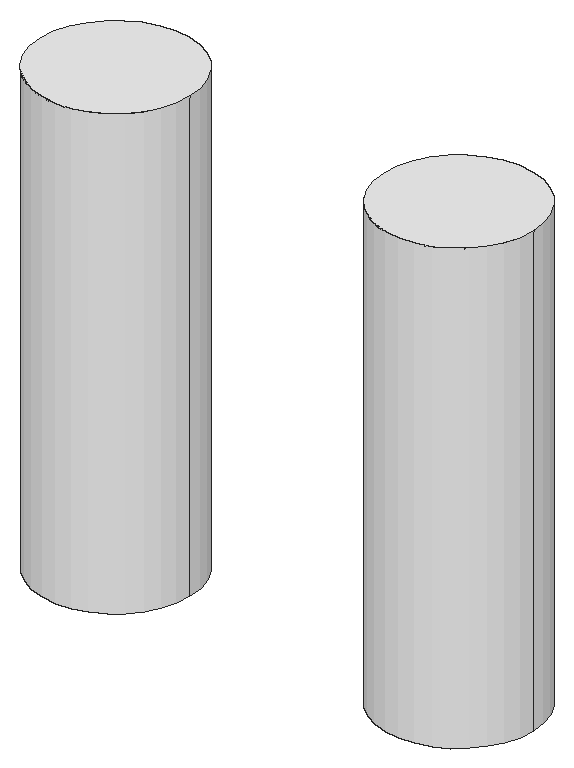
Revit family "92002219(2023)", category Plumbing Fixtures, Revit 2020
Family settings
  Round Connector Dimension = Use Diameter
  Part Type = Normal
  OmniClass Number = 23.45.55.00
  OmniClass Title = Sanitary Faucets, Wastes
  Work Plane-Based = No
  Always vertical = Yes
  Cut with Voids When Loaded = No
  Shared = No
  Room Calculation Point = No
Parameters (values of type "92002219 Washbasin faucet, 3 V, Bluetooth")
  Working Pressure = "100 - 1000 kPa"
  WarrantyStartDate [instance] = "n/a"
  WarrantyGuarantorParts = "n/a"
  WarrantyGuarantorLabor = "n/a"
  WarrantyDurationUnit = "Year"
  WarrantyDurationParts = "n/a"
  WarrantyDurationLabor = "n/a"
  WarrantyDescription = "http://warranty.hansa.com"
  Warranty Information URL = "http://warranty.hansa.com"
  VersionDate = "01/06/2023"
  Version = "1"
  ValvePattern = "n/a"
  ValveOperation = "n/a"
  ValveMechanism = "n/a"
  Uniclass2015Reference = "Pr_40_20_87_96"
  Uniclass2015Description = "Washbasin manual water supply sets"
  Uniclass2 = "Pr_40_30_96_96"
  URL WEEE = "http://static.hansa.com/WEEE/92002219"
  URL UWL = "http://static.hansa.com/UWL/92002219"
  URL REACH = "http://static.hansa.com/doc/reach"
  URL EcoLabel Declaration = "http://static.hansa.com/doc/EcoLabel"
  URL EU Packaging Declaration = "http://static.hansa.com/doc/packaging"
  URL Declaration of SCIP = "http://static.hansa.com/doc/SCIP"
  URL Declaration of Conformity = "http://static.hansa.com/DoC/92002219"
  URL Declaration of Asbestos = "http://static.hansa.com/doc/asbestos"
  URL Declaration Of Performance (DOP) = "http://static.hansa.com/doc/DoP"
  URL = ""
  UNSPSC Class Number = "30181700 Faucets or taps"
  Type Comments = ""
  TestPressure = "n/a"
  Temperature Adjustments = "Adjustable hot water stop (included, retrofittable)"
  Technical DataSheet URL = "http://www.hansa.com/datasheet/92002219/en"
  TagNumber [instance] = "n/a"
  SustainabilityPerformance = "n/a"
  Surface treatment = "Chrome"
  Spout Type = "Fixed spout"
  Spout Projection = "117 mm"
  Size = "70x165x135 mm"
  Shape = "Sculptured"
  SerialNumber [instance] = "n/a"
  Sales Package dimensions (LxWxH) = "284 x 191 x 83.5"
  Revision = "n/a"
  ReplacementCost = "n/a"
  Protection Class = "IP 55"
  ProductInformation = "n/a"
  Product URL = "http://static.hansa.com/92002219"
  Product Image URL = "http://static.hansa.com/image/92002219"
  Product Family = "HANSAELECTRA "
  Product Code = "92002219"
  OperatingMechanismMaterial = "n/a"
  Operating Voltage = 39 V
  Operating Distance = "20-130 mm (110/130/160 mm)"
  NominalWidth = 69.286 mm
  NominalHeight = 135.012 mm
  NominalDepth = 163.081 mm
  Noise Class = "I (ISO 3822) "
  Name_en = "92002219 Washbasin faucet, 3 V, Bluetooth"
  Name = "92002219 Washbasin faucet, 3 V, Bluetooth"
  NBSReference = "45-35-70/371"
  NBSDescription = "Water supply fittings for wash basins and troughs"
  Mounting Holes = "1 hole"
  ModelReference = "92002219"
  ModelNumber = "n/a"
  Model = "92002219 Washbasin faucet, 3 V, Bluetooth"
  Mobile Product Information URL = "http://mpi.hansa.com/92002219"
  Mechanical Parts = "Mixing valve for manual temperature control;Non-return valve(s);Litter filter(s)"
  Max. Hot Water Supply = 70 °C
  Max Flow Period = "2 min (1 - 1800 s)"
  Material = "Composite"
  Market = "International;Germany;Austria;Switzerland;Belgium;Netherlands;Italy"
  ManufacturerURL = "http://www.hansa.com"
  ManufacturerName = "HANSA"
  Manufacturer = "HANSA"
  Long Marketing = "Electra 92 series is giving you a whole new modern design with its rounded square body and spout. Giving you new fresh and updated design.\nDesign compliments the new trends of the modern bathroom with its more squared design.\n\nKey Features\nAerator with Tilt function +/- 10° for more flexible installation\nNewest Sensor technology for better detection and operation comfort\nBluetooth technology for easy adjustment to personalize settings \nBattery and power cable"
  Lever Handle = "Temperature control handle"
  Keynote = ""
  InstallationDate [instance] = "n/a"
  Installation Type = "Deck mounted"
  InletConnectionSize = 10 mm
  IfcExportType = "FAUCET"  # constant formula
  IfcExportAs = "IfcValveType"  # constant formula
  Group = "Washbasin faucet"
  Grade = "n/a"
  FlowCoefficient = 0
  Flow Rate At 300kPa With Flow Controller = 0.09 L/s
  Flow Drawing URL = "http://static.hansa.com/flowchart/92002219"
  Finish = "Polished"
  Features = "Touchless;Battery-operated;External transformer;Bluetooth®;Lead free"
  FaucetMainMaterial = Brass
  FDV Document URL = "http://www.hansa.com/datasheet/92002219/en/fdv"
  ExpectedLife = "n/a"
  Electronic Parts = ";Light indicated function(s);Low battery indicator"
  Electrical Connection = "9 V"
  ETIM Class Number = "EC010340 Electronic tap"
  EN Standard = "EN 15091"
  EMC Directive = "2014/53/EU , 2011/65/EU"
  EAN Number = "4057304019272"
  DurationUnit = "Year"
  Dimension Drawing URL = "http://static.hansa.com/dimdrw/92002219"
  Description = ""
  DefaultElevation [instance] = 900 mm
  Default Elevation = 0 mm
  Constituents = "n/a"
  Connection Size = "G3/8"
  Connection = "Flexible inlet pipes"
  Color = "Chrome"
  CodePerformance = "n/a"
  CloseOffRating = 0
  Catalog Drawing URL = "http://static.hansa.com/catdrw/92002219"
  Brand = "HANSA"
  BodyMaterial = "Brass"
  Bluetooth = "5.x (D060576)"
  Battery = "AA 1.5 V Lithium x 2"
  Barcode [instance] = "n/a"
  Backflow Prevention EN1717 = "EB"
  BIMObjectName = "92002219(2023)"
  Automatic Flush Period = "30 s (1-1800 s)"
  Automatic Flush Frequency = "off (off/1-120 h)"
  Author = "BIMStone"
  AssetType = "Fixed"
  AssetIdentifier [instance] = "n/a"
  Afterflow Period = "3 s (1-20 s)"
  Aerator = "PCA® - constant flow rate regardless of pressure variations;Adjustable flow angle"
  Advanced Features = "3S-installation system for safe and simple mounting"
  AccessibilityPerformance = "n/a"
  2D/3D/BIM Files URL = "http://static.hansa.com/bim/92002219"
Reference planes
  plane 1 "Center (Front/Back)": y = 0
  plane 2: z = 0
  plane 3 "Center (Left/Right)": x = 0
  plane 4: x = -27.304
  plane 5: z = 900
  plane 6: z = 870
  plane 7: y = -163.081
  plane 8: x = 27.304
  plane 9: z = 1035.012
  plane 10: x = 41.982
Forms (mm)
  Extrusion 1, solid, material "Brass" <- "FaucetMainMaterial"
    sketch origin (0, -2.393, 0) x (1, 0, 0) y (0, 1, 0)
      loop
        circle (-11.5, -22.5) r 5
      loop
        circle (11.5, -22.5) r 5
    from 870 to 900
Dimensions and locks
  "DefaultElevation": plane 5 to level
  locked: plane 5 to plane 6 at 30
  "NominalDepth": plane 7 to plane 1 "Center (Front/Back)"
  equal spacing: plane 4, plane 3 "Center (Left/Right)", plane 8
  "NominalHeight": plane 9 to plane 5
  locked: plane 8 to plane 10 at 14.678
  "NominalWidth": plane 4 to plane 10
  "InletConnectionSize": diameter of Extrusion 1 sketch curve  (x2)
  aligned and locked: level to plane 2
  aligned and locked: plane 5 to Extrusion 1
  aligned and locked: Extrusion 1 to plane 6
  aligned and locked: plane 1 "Center (Front/Back)" to nested 2
  aligned and locked: plane 3 "Center (Left/Right)" to nested 2
  aligned and locked: plane 3 "Center (Left/Right)" to nested 1
  aligned and locked: plane 1 "Center (Front/Back)" to nested 1
  aligned and locked: plane 5 to nested 2
Automatic sketch dimensions
  Extrusion 1 sketch curve to plane 3 "Center (Left/Right)" = 11.5 mm
  plane 3 "Center (Left/Right)" to Extrusion 1 sketch curve = 11.5 mm
  plane 1 "Center (Front/Back)" to Extrusion 1 sketch curve = 24.893 mm
  Extrusion 1 sketch curve to Extrusion 1 sketch curve = 0 mm
Nested families
  nested 1: "Symbol" at (0, 0, 0), type "Symbol", detail levels coarse
  nested 2: "92002219(2023)_Body" at (0, 0, 900), Material <- "FaucetMainMaterial", type "92002219(2023)_Body"
    with Material Brass
Connectors
  piping at (-11.5, -24.893, 870), diameter 10, driven by "InletConnectionSize"
    settings: on Extrusion 1, index 1, connector inside diameter 609.6 mm, connector length 0 mm, flow factor 0, pipe flow 0.2 L/s, pressure drop 0.0 Pa, fitting loss kfactor 0, connector angle 0.00°, fixture units 0, engagement length 0 mm, angle of deflection 0.00°, flow configuration 1, flow direction 1, fitting loss method 0, system type 19, joint type 0, gender type 0, connector reference index -1, connector utility 0, adjustable connector no, is connector primary yes, connector description ""
  piping at (11.5, -24.893, 870), diameter 10, driven by "InletConnectionSize"
    settings: on Extrusion 1, index 2, connector inside diameter 609.6 mm, connector length 0 mm, flow factor 0, pipe flow 0.2 L/s, pressure drop 0.0 Pa, fitting loss kfactor 0, connector angle 0.00°, fixture units 0, engagement length 0 mm, angle of deflection 0.00°, flow configuration 1, flow direction 1, fitting loss method 0, system type 20, joint type 0, gender type 0, connector reference index -1, connector utility 0, adjustable connector no, is connector primary no, connector description ""
Definition of nested family "Symbol"
  Reference planes
    plane 1: y = 0
    plane 2: x = 0
  Lines and regions (mm)
    detail lines
      curve 1: line (0, 0, 0) -> (0, -1.8, 0)
      curve 2: line (-0.4, -1.1, 0) -> (0.4, -1.1, 0)
      curve 3: line (-0.4, -1.4, 0) -> (0.4, -1.4, 0)
      curve 4: line (0.863, 0, 0) -> (-0.863, 0, 0)
      curve 5: circle (-1.163, 0, 0) r 0.3 normal (0, 0, -1)
      curve 6: circle (1.163, 0, 0) r 0.3 normal (0, 0, 1)
